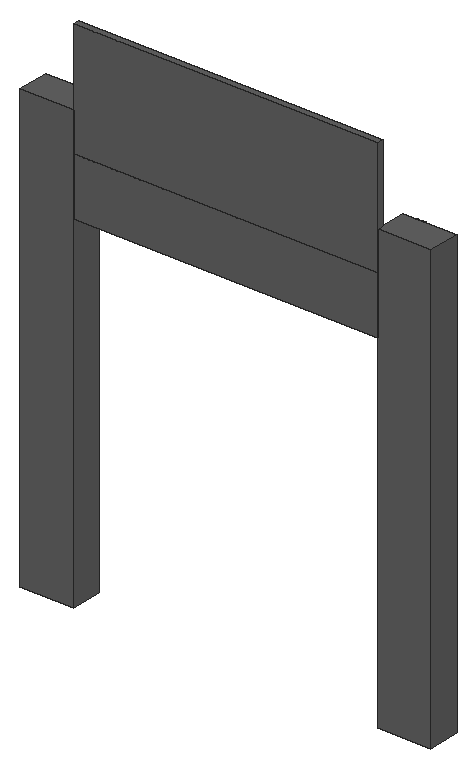
Revit family "S-800 (DSA)", category Generic Models, host Wall, Revit 2015
Parameters (values of type "9'x10' Door")
  Width = 10' - 7"
  URL = "https://www.entrematic.us/en/ent/entrematicus/"
  SidePadHeight = 11' - 6"
  Projection = 0' - 10"
  PadPosition = 1' - 0"
  Opening = 7' - 10"
  Model = "S-600/DSS"
  Manufacturer = "Entrematic"
  FollowerCurtain = 3' - 0"
  DropCurtain = 1' - 6"
  Description = "Foam Dock Seal"
Types (10): name | Width | SidePadHeight | Opening | Model | DropCurtain
  (no name) | 10' - 7" | 11' - 6" | 7' - 10" | "S-600/DSS" | 1' - 6"
  8'x10' Door | 9' - 6" | 11' - 6" | 7' - 6" | "S-600/DSS" | 2' - 0"
  8.5'x10' Door | 10' - 0" | 11' - 6" | 7' - 8" | "S-600/DSS" | 2' - 0"
  9'x10' Door | 10' - 7" | 11' - 6" | 7' - 10" | "S-600/DSS" | 1' - 6"
  8'x9' Door | 9' - 6" | 10' - 6" | 7' - 6" | "S-600/DSS" | 2' - 0"
  8.5'x9' Door | 10' - 0" | 10' - 6" | 7' - 8" | "S-600/DSS" | 20' - 0"
  9'x9' Door | 10' - 7" | 10' - 6" | 7' - 10" | "S-700/DSH" | 2' - 0"
  8.5'x8' Door | 10' - 0" | 9' - 6" | 7' - 8" | "S-600/DSS" | 2' - 0"
  8'x8' Door | 9' - 6" | 9' - 6" | 7' - 6" | "S-600/DSS" | 2' - 0"
  9'x8' Door | 10' - 7" | 9' - 6" | 7' - 10" | "S-700/DSH" | 2' - 0"
Reference planes (in)
  plane 1: y = 0
  plane 2 "Center (Left/Right)": x = 0
  plane 3 "Wall Edge": y = 3
  plane 4: x = -47
  plane 5: x = -63.5
  plane 6: x = 47
  plane 7: x = 63.5
  plane 8: z = 138
  plane 9: y = 3
  plane 10: y = 13.03125
  plane 11: x = 51
  plane 12: x = 54
  plane 13: x = -51
  plane 14: x = -54
  plane 15: y = 5
  plane 16: z = 120
  plane 17: z = 162
  plane 18: z = 108
  plane 19: z = 126
Forms (in)
  Extrusion 1, solid, material "Skin"
    sketch origin (0, 3, 0) x (1, 0, 0) y (0, 0, 1)
      loop
        line (63.5, 138) -> (47, 138) -> (47, 0) -> (63.5, 0) -> (63.5, 138)
      loop
        line (-47, 138) -> (-63.5, 138) -> (-63.5, 0) -> (-47, 0) -> (-47, 138)
    from 0 to -10
  Extrusion 2, solid, material "Guide Stripe"
    sketch origin (0, 3, 0) x (1, 0, 0) y (0, 0, 1)
      loop
        line (54, 0) -> (54, 138) -> (51, 138) -> (51, 0) -> (54, 0)
      loop
        line (-54, 0) -> (-51, 0) -> (-51, 138) -> (-54, 138) -> (-54, 0)
    from -10.03125 to -10
  Extrusion 3, solid, material "Skin"
    sketch origin (0, 0, 0) x (0, 1, 0) y (0, 0, 1)
      loop
        line (3, 126) -> (3, 108) -> (13, 108) -> (13, 126) -> (3, 126)
    from -47 to 47
  Extrusion 4, solid, material "Skin"
    sketch origin (0, 0, 0) x (0, 1, 0) y (0, 0, 1)
      loop
        line (5, 126) -> (5, 162) -> (3, 162) -> (3, 126) -> (5, 126)
    from -47 to 47
Text (in)
  text "Placement Side" at (0, 40.15149, 123.01588), in view "Right"
  text "Placement Side" at (-70.3804, 28.46503, 0), in view "Ref. Level"
  text "Placement Side" at (0, 81.62555, 140.59947), in view "Left"
Dimensions and locks (in)
  locked: plane 3 "Wall Edge" to host wall
  equal spacing: plane 6, plane 2 "Center (Left/Right)", plane 4
  "Opening": plane 6 to plane 4
  equal spacing: plane 7, plane 2 "Center (Left/Right)", plane 5
  "Width": plane 7 to plane 5
  "SidePadHeight": level to plane 8
  plane 12 to plane 11 to plane 6 = 0' - 3" locked, 0' - 4" locked
  plane 14 to plane 13 to plane 4 = 0' - 3" locked, 0' - 4" locked
  locked: plane 16 to plane 8 at 18
  locked: plane 18 to plane 19 at 18
  "FollowerCurtain": plane 19 to plane 17
  "PadPosition": plane 18 to plane 16
  locked: plane 9 to plane 15 at 2
  aligned and locked: plane 9 to host wall
  aligned and locked: Extrusion 1 sketch curve to level
  aligned and locked: Extrusion 1 sketch curve to plane 6
  aligned and locked: Extrusion 1 sketch curve to plane 4
  aligned and locked: Extrusion 1 sketch curve to plane 5
  aligned and locked: Extrusion 1 sketch curve to plane 8
  aligned and locked: level to Extrusion 1 sketch curve
  aligned and locked: Extrusion 1 to plane 9
  aligned and locked: plane 11 to Extrusion 2 sketch curve
  aligned and locked: Extrusion 2 sketch curve to plane 12
  aligned and locked: Extrusion 2 sketch curve to plane 14
  aligned and locked: Extrusion 2 sketch curve to plane 13
  aligned and locked: level to Extrusion 2 sketch curve
  aligned and locked: plane 10 to Extrusion 2
  aligned and locked: Extrusion 3 to host wall
  aligned and locked: plane 6 to Extrusion 3
  aligned and locked: Extrusion 3 to plane 4
  aligned and locked: Extrusion 3 to plane 18
  aligned and locked: plane 19 to Extrusion 3
  aligned and locked: plane 8 to Extrusion 2  (x2)
  aligned and locked: Extrusion 2 to level
  aligned and locked: plane 7 to Extrusion 1
  aligned and locked: plane 8 to Extrusion 1
  aligned and locked: Extrusion 4 to plane 3 "Wall Edge"
  aligned and locked: plane 15 to Extrusion 4
Automatic sketch dimensions
  plane 7 to Extrusion 1 sketch curve = 0' - 0"
  plane 8 to Extrusion 1 sketch curve = 0' - 0"
  Extrusion 2 sketch curve to plane 8 = 0' - 0"  (x2)
  Extrusion 4 sketch curve to plane 8 = 1' - 0"
  Extrusion 4 sketch curve to plane 17 = 0' - 0"
  Extrusion 3 sketch curve to host wall = 0' - 0"
  Extrusion 3 sketch curve to plane 8 = 1' - 0"
  Extrusion 3 sketch curve to plane 16 = 1' - 0"
  Extrusion 2 sketch curve to level = 0' - 0"
  Extrusion 3 sketch curve to plane 10 = 0' - 0 1/32"
  Extrusion 4 sketch curve to plane 10 = 0' - 8 1/32"
  Extrusion 4 sketch curve to plane 15 = 0' - 2"
